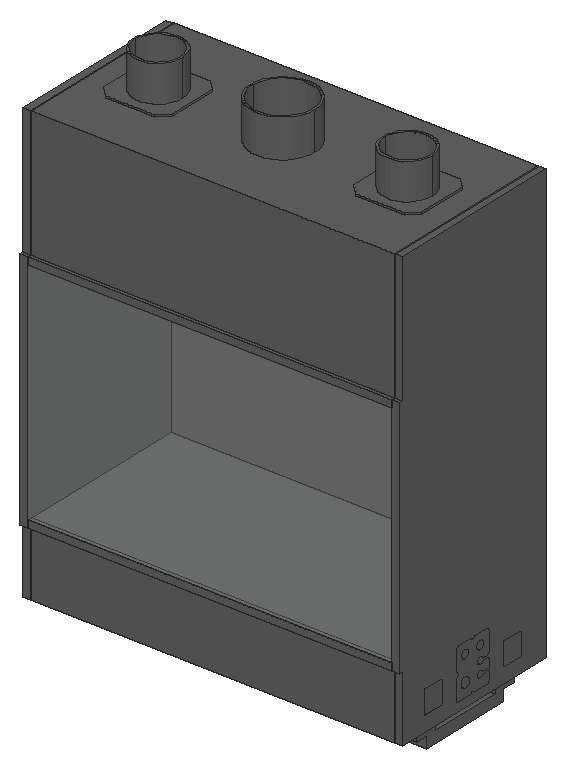
Revit family "Fireplaces_DaVinci_TimberFyre_48x30-SS-TF", category Mechanical Equipment, Revit 2023
Family settings
  Round Connector Dimension = Use Diameter
  Part Type = Normal
  OmniClass Number = 23.75.00.00
  OmniClass Title = Climate Control (HVAC)
  Work Plane-Based = Yes
  Always vertical = Yes
  Cut with Voids When Loaded = Yes
  Maintain Annotation Orientation = No
  Shared = No
  Room Calculation Point = No
Parameters (values of type "Timberfyre Signle Sided 48" x 30"")
  X2 = Intakes + 1/2"  # 6 1/2"
  X1 = Exhaust + 1/2"  # 8 1/2"
  Width = 50"  # constant formula
  URL = "https://www.davincifireplace.com/"
  Type Comments = ""
  Specifications = "https://www.arcat.com/company/davinci-custom-fireplaces-a-division-of-travis-industries-49714/spec"
  Product Page URL = "https://www.arcat.com/arcatcos/cos49/arc49714.html"
  Product Documentation Link = "https://www.travisindustries.com/docs/98800900.pdf"
  Number Pole = 1
  NG = "Min = 5.5\"wc (1.37kpa), Max = 7\"wc (1.74 kpa)"
  Model = "Timberfyre Signle Sided 48\" x 30\""
  Matel = Matel
  Manufacturer = "Davinci Custom Fireplaces"  # constant formula
  LP = "Min = 11\"wc (2.74 kpa), Max = 13\"wc (3.23 kpa)"
  Keynote = ""
  Intakes = 6"  # constant formula
  Height = 60 5/8"  # constant formula
  Glass = Glass
  Gas Req'd = "115,000 BTU's"
  Exhaust = 8"  # constant formula
  Electrical Req'd = 120 V
  Description = ""
  Depth = 24"  # constant formula
  Default Elevation = 48"
  Cost = 0
  Copyright = "©2020 Travis Industries, Inc"  # constant formula
  CAD Details = "https://www.arcat.com/company/davinci-custom-fireplaces-a-division-of-travis-industries-49714/cad"
  Assembly Code = ""
  Apparent Load = 0 VA
Reference planes (in)
  plane 1 "Center (Front/Back)": y = 0
  plane 2: z = 0
  plane 3 "Center (Left/Right)": x = 0
  plane 4: y = 23.75
  plane 5: x = 25
  plane 6: x = -25
  plane 7: y = -0.25
  plane 8: z = 3
  plane 9: z = 12.625
  plane 10: z = 60.625
  plane 11: z = 65.625
  plane 12: z = 42.625
  plane 13: x = -16.4375
  plane 14: x = 16.4375
  plane 15: y = 11.75
  plane 16: x = 24
  plane 17: x = -24
  plane 18: z = 60.875
  plane 19: y = 0.25
Forms (in)
  Extrusion 1, solid, material "Matel" <- "Matel"
    sketch origin (0, 0, 0) x (1, 0, 0) y (0, 1, 0)
      loop
        circle (0, 11.75) r 4
      loop
        circle (0, 11.75) r 4.25
      loop
        circle (-16.4375, 11.75) r 3
      loop
        circle (-16.4375, 11.75) r 3.25
      loop
        circle (16.4375, 11.75) r 3
      loop
        circle (16.4375, 11.75) r 3.25
    from 60.625 to 65.625
  Extrusion 2, solid, material "Matel" <- "Matel"
    sketch origin (0, 0, 0) x (1, 0, 0) y (0, 1, 0)
      loop
        line (-19.6875, 7.25) -> (-13.1875, 7.25) -> (-11.9375, 8.5) -> (-11.9375, 15) -> (-13.1875, 16.25) -> (-19.6875, 16.25) -> (-20.9375, 15) -> (-20.9375, 8.5) -> (-19.6875, 7.25)
      loop
        line (19.6875, 7.25) -> (20.9375, 8.5) -> (20.9375, 15) -> (19.6875, 16.25) -> (13.1875, 16.25) -> (11.9375, 15) -> (11.9375, 8.5) -> (13.1875, 7.25) -> (19.6875, 7.25)
      loop
        circle (-16.4375, 11.75) r 3
      loop
        circle (16.4375, 11.75) r 3
    from 60.625 to 60.875
  Sweep 3, solid, material "Matel" <- "Matel"
    path origin (0, 0, 0) x (1, 0, 0) y (0, 1, 0)
      loop
        line (-24, 11.75) -> (24, 11.75)
    profile origin (0, 11.75, 0) x (0, 1, 0) y (0, 0, 1)
      loop
        line (6.25, 0) -> (6.25, 1.5) -> (8, 1.5) -> (8, 3) -> (5, 3) -> (5, 1.5) -> (-5, 1.5) -> (-5, 3) -> (-8, 3) -> (-8, 1.5) -> (-6.25, 1.5) -> (-6.25, 0) -> (6.25, 0)
  Extrusion 4, solid, material "Matel" <- "Matel"
    sketch origin (0, 0, 0) x (0, 1, 0) y (0, 0, 1)
      loop
        line (0.25, 60.625) -> (0.25, 43.625) -> (-0.25, 43.625) -> (-0.25, 11.625) -> (0.25, 11.625) -> (0.25, 3) -> (23.75, 3) -> (23.75, 60.625) -> (0.25, 60.625)
    from 24 to 25
  Extrusion 5, solid, material "Matel" <- "Matel"
    sketch origin (0, 0, 0) x (0, 1, 0) y (0, 0, 1)
      loop
        line (0.25, 60.625) -> (0.25, 43.625) -> (-0.25, 43.625) -> (-0.25, 11.625) -> (0.25, 11.625) -> (0.25, 3) -> (23.75, 3) -> (23.75, 60.625) -> (0.25, 60.625)
    from -25 to -24
  Extrusion 6, solid, material "Matel" <- "Matel"
    sketch origin (0, 0, 0) x (0, 1, 0) y (0, 0, 1)
      loop
        line (0.25, 3) -> (23.75, 3) -> (23.75, 60.625) -> (0.25, 60.625) -> (0.25, 43.625) -> (-0.25, 43.625) -> (-0.25, 42.625) -> (0.75, 42.625) -> (0.75, 60.125) -> (23.25, 60.125) -> (23.25, 12.625) -> (-0.25, 12.625) -> (-0.25, 11.625) -> (0.25, 11.625) -> (0.25, 3)
    from -24 to 24
  Extrusion 7, void
    sketch origin (0, 0, 0) x (1, 0, 0) y (0, 1, 0)
      loop
        circle (0, 11.75) r 4
      loop
        circle (16.4375, 11.75) r 3
      loop
        circle (-16.4375, 11.75) r 3
    from 42.625 to 65.625
  Extrusion 8, solid, material "Glass" <- "Glass"
    sketch origin (0, 0, 0) x (1, 0, 0) y (0, 0, 1)
      loop
        line (-24, 42.625) -> (-24, 12.625) -> (24, 12.625) -> (24, 42.625) -> (-24, 42.625)
    from -0.25 to 0.25
  Extrusion 9, void
    sketch origin (0, 0, 0) x (0, 1, 0) y (0, 0, 1)
      loop
        arc (9.36553, 10.76131) -> (9.10706, 10.65425) -> (9, 10.39578) r 0.36553
        line (9, 10.39578) -> (9, 7.63714)
        arc (9, 7.63714) -> (9.25, 7.38714) -> (9, 7.13714) r 0.25
        line (9, 7.13714) -> (9, 4.3785)
        arc (9, 4.3785) -> (9.10755, 4.11886) -> (9.36719, 4.01131) r 0.36719
        line (9.36719, 4.01131) -> (11.5, 4.01131)
        arc (11.5, 4.01131) -> (11.75, 4.26131) -> (12, 4.01131) r 0.25
        line (12, 4.01131) -> (14.13281, 4.01131)
        arc (14.13281, 4.01131) -> (14.39245, 4.11886) -> (14.5, 4.3785) r 0.36719
        line (14.5, 4.3785) -> (14.5, 5.74611) -> (13.35147, 5.74611)
        arc (13.35147, 5.74611) -> (12.61712, 5.84445) -> (13.35678, 5.88745) r 0.37215
        line (13.35678, 5.88745) -> (14.5, 5.88745) -> (14.5, 7.13631)
        arc (14.5, 7.13631) -> (14.35028, 7.1861) -> (14.2602, 7.31564) r 0.25
        line (14.2602, 7.31564) -> (13.35147, 7.31564)
        arc (13.35147, 7.31564) -> (12.61712, 7.41398) -> (13.35678, 7.45698) r 0.37215
        line (13.35678, 7.45698) -> (14.2602, 7.45698)
        arc (14.2602, 7.45698) -> (14.35028, 7.58652) -> (14.5, 7.63631) r 0.25
        line (14.5, 7.63631) -> (14.5, 10.39413)
        arc (14.5, 10.39413) -> (14.39245, 10.65377) -> (14.13281, 10.76131) r 0.36719
        line (14.13281, 10.76131) -> (11.99917, 10.76131)
        arc (11.99917, 10.76131) -> (11.74917, 10.51131) -> (11.49917, 10.76131) r 0.25
        line (11.49917, 10.76131) -> (9.36553, 10.76131)
      loop
        circle (10.54184, 5.92215) r 0.63267
      loop
        circle (10.51099, 9.25626) r 0.5
      loop
        circle (12.98901, 9.25626) r 0.5
      loop
        line (3.75, 4.875) -> (6.75, 4.875) -> (6.75, 8.125) -> (3.75, 8.125) -> (3.75, 4.875)
      loop
        line (19.75, 4.875) -> (19.75, 8.125) -> (16.75, 8.125) -> (16.75, 4.875) -> (19.75, 4.875)
    from 25 to 24.87691
  Extrusion 10, void
    sketch origin (0, 0, 0) x (0, 1, 0) y (0, 0, 1)
      loop
        line (23.75, 3) -> (23.75, 60.625) -> (0.25, 60.625) -> (0.25, 43.625) -> (-0.25, 43.625) -> (-0.25, 11.625) -> (0.25, 11.625) -> (0.25, 3) -> (23.75, 3)
    from -25 to 25
Cuts and joins
  joined: Extrusion 1, Extrusion 2
  Extrusion 7, Extrusion 10 cuts Sweep 3
  Extrusion 7 cuts Extrusion 6
  Extrusion 9 cuts Extrusion 4
Dimensions and locks (in)
  equal spacing: plane 6, plane 3 "Center (Left/Right)", plane 5
  plane 1 "Center (Front/Back)" to plane 7 = 1/4"
  "Depth": plane 4 to plane 7
  "Width": plane 6 to plane 5
  "Height": plane 10 to plane 2
  locked: plane 11 to plane 10 at 5
  plane 8 to level = 3"
  plane 12 to plane 9 = 30"
  plane 9 to level = 12 5/8"
  equal spacing: plane 4, plane 15, plane 7, locked at 12 each
  locked: plane 6 to plane 17 at 1
  locked: plane 5 to plane 16 at 1
  locked: plane 6 to plane 13 at 8.5625
  locked: plane 14 to plane 5 at 8.5625
  locked: plane 18 to plane 10 at 0.25
  locked: plane 1 "Center (Front/Back)" to plane 19 at 0.25
  "Intakes": diameter of Extrusion 1 sketch curve  (x2)
  "Exhaust": diameter of Extrusion 1 sketch curve
  "X2": diameter of Extrusion 1 sketch curve  (x2)
  "X1": diameter of Extrusion 1 sketch curve
  aligned and locked: level to plane 2
  aligned and locked: plane 3 "Center (Left/Right)" to Extrusion 1 sketch curve  (x2)
  aligned and locked: plane 15 to Extrusion 1 sketch curve  (x6)
  aligned and locked: plane 13 to Extrusion 1 sketch curve  (x2)
  aligned and locked: plane 14 to Extrusion 1 sketch curve  (x2)
  aligned and locked: Extrusion 1 to plane 11
  aligned and locked: plane 10 to Extrusion 1
  aligned and locked: Extrusion 2 to plane 18
  aligned and locked: plane 10 to Extrusion 2
  aligned and locked: Sweep 3 sketch curve to plane 15
  aligned and locked: plane 16 to Sweep 3 sketch curve
  aligned and locked: plane 17 to Sweep 3 sketch curve
  aligned and locked: plane 10 to Extrusion 4 sketch curve
  aligned and locked: plane 7 to Extrusion 4 sketch curve
  aligned and locked: plane 4 to Extrusion 4 sketch curve
  aligned and locked: plane 8 to Extrusion 4 sketch curve
  aligned and locked: plane 10 to Extrusion 5 sketch curve
  aligned and locked: plane 4 to Extrusion 5 sketch curve
  aligned and locked: plane 7 to Extrusion 5 sketch curve
  aligned and locked: plane 8 to Extrusion 5 sketch curve
  aligned and locked: Extrusion 5 to plane 6
  aligned and locked: Extrusion 5 to plane 17
  aligned and locked: plane 5 to Extrusion 4
  aligned and locked: Extrusion 4 to plane 16
  aligned and locked: Extrusion 6 sketch curve to plane 10
  aligned and locked: Extrusion 6 sketch curve to plane 4
  aligned and locked: Extrusion 6 sketch curve to plane 8
  aligned and locked: Extrusion 6 sketch curve to plane 9
  aligned and locked: Extrusion 6 sketch curve to plane 12
  aligned and locked: plane 16 to Extrusion 6
  aligned and locked: plane 17 to Extrusion 6
  aligned and locked: Extrusion 2 sketch curve to cut or joined group of Extrusion 1, Extrusion 2  (x4)
  aligned and locked: Extrusion 7 sketch curve to cut or joined group of Extrusion 1, Extrusion 2  (x6)
  aligned and locked: Extrusion 7 to plane 11
  aligned and locked: Extrusion 7 to plane 12
  aligned and locked: Extrusion 8 sketch curve to plane 12
  aligned and locked: plane 17 to Extrusion 8 sketch curve
  aligned and locked: Extrusion 8 sketch curve to plane 16
  aligned and locked: Extrusion 8 sketch curve to plane 9
  aligned and locked: Extrusion 8 to plane 7
  aligned and locked: Extrusion 9 to plane 5
  aligned and locked: Extrusion 6 sketch curve to plane 19
  aligned and locked: Extrusion 5 to Extrusion 6 sketch curve
  aligned and locked: Extrusion 8 to plane 19
  aligned and locked: Extrusion 4 sketch curve to cut or joined group of Extrusion 6, Extrusion 7  (x4)
  aligned and locked: Extrusion 10 sketch curve to Extrusion 5  (x8)
  aligned and locked: Extrusion 10 to cut or joined group of Extrusion 4, Extrusion 9
  aligned and locked: Extrusion 10 to Extrusion 5
Automatic sketch dimensions
  Extrusion 2 sketch curve to plane 17 = 3 1/16"
  Extrusion 2 sketch curve to Extrusion 2 sketch curve = 1 1/4"  (x12)
  plane 13 to Extrusion 2 sketch curve = 3 1/4"  (x2)
  Extrusion 2 sketch curve to plane 14 = 4 1/2"
  plane 14 to Extrusion 2 sketch curve = 3 1/4"  (x2)
  Extrusion 2 sketch curve to plane 15 = 4 1/2"  (x2)
  plane 15 to Extrusion 2 sketch curve = 3 1/4"  (x4)
  profile plane to Sweep 3 sketch curve = 5"
  Sweep 3 sketch curve to Sweep 3 sketch curve = 13"
  level to Sweep 3 sketch curve = 3"
  Sweep 3 sketch curve to Sweep 3 sketch curve = 1 1/4"  (x2)
  Sweep 3 sketch curve to Sweep 3 sketch curve = 10"
  Sweep 3 sketch curve to Sweep 3 sketch curve = 1 1/2"  (x2)
  Sweep 3 sketch curve to Sweep 3 sketch curve = 0"
  Sweep 3 sketch curve to Sweep 3 sketch curve = 1 3/4"
  Sweep 3 sketch curve to level = 0"
  level to Sweep 3 sketch curve = 1 1/2"
  Extrusion 9 sketch curve to Extrusion 9 sketch curve = 0"  (x3)
  Extrusion 9 sketch curve to plane 15 = 0"
  Extrusion 9 sketch curve to plane 15 = 0.00083"
  Extrusion 9 sketch curve to plane 15 = 1/4"
  Extrusion 9 sketch curve to Extrusion 9 sketch curve = 1/4"  (x2)
  Extrusion 9 sketch curve to plane 15 = 1.20816"
  Extrusion 9 sketch curve to plane 15 = 1.23901"
  plane 8 to Extrusion 9 sketch curve = 1.01131"
  Extrusion 9 sketch curve to Extrusion 9 sketch curve = 2 17/128"
  Extrusion 9 sketch curve to Extrusion 9 sketch curve = 1.14545"
  Extrusion 9 sketch curve to Extrusion 9 sketch curve = 1.51099"
  Extrusion 9 sketch curve to Extrusion 9 sketch curve = 2 1/4"  (x2)
  Extrusion 9 sketch curve to Extrusion 9 sketch curve = 3"  (x2)
  plane 15 to Extrusion 9 sketch curve = 1.23901"  (x3)
  Extrusion 9 sketch curve to Extrusion 9 sketch curve = 0.36246"  (x2)
  Extrusion 9 sketch curve to Extrusion 9 sketch curve = 0.00531"  (x2)
  Extrusion 9 sketch curve to Extrusion 9 sketch curve = 1.1438"
  Extrusion 9 sketch curve to Extrusion 9 sketch curve = 0.78134"
  Extrusion 9 sketch curve to Extrusion 9 sketch curve = 0.90342"
  Extrusion 9 sketch curve to Extrusion 9 sketch curve = 1.14853"
  Extrusion 9 sketch curve to Extrusion 9 sketch curve = 0.2398"
  plane 8 to Extrusion 9 sketch curve = 1 7/8"  (x2)
  Extrusion 9 sketch curve to Extrusion 9 sketch curve = 1.36761"
  Extrusion 9 sketch curve to Extrusion 9 sketch curve = 0.08438"  (x2)
  Extrusion 9 sketch curve to Extrusion 9 sketch curve = 1.54365"
  Extrusion 9 sketch curve to Extrusion 9 sketch curve = 1.24886"
  Extrusion 9 sketch curve to Extrusion 9 sketch curve = 1.21499"
  Extrusion 9 sketch curve to Extrusion 9 sketch curve = 0.17933"
  Extrusion 9 sketch curve to Extrusion 9 sketch curve = 3 1/4"
  Extrusion 9 sketch curve to Extrusion 9 sketch curve = 0.48869"
  Extrusion 9 sketch curve to Extrusion 9 sketch curve = 1.79927"
  Extrusion 9 sketch curve to Extrusion 9 sketch curve = 1.61912"
  Extrusion 9 sketch curve to Extrusion 9 sketch curve = 1.13787"
  Extrusion 6 sketch curve to plane 19 = 1/2"
  Extrusion 6 sketch curve to plane 4 = 1/2"
  plane 10 to Extrusion 6 sketch curve = 1/2"
  Extrusion 6 sketch curve to plane 9 = 1"
  plane 12 to Extrusion 6 sketch curve = 1"
  Extrusion 6 sketch curve to Extrusion 6 sketch curve = 0"
  Extrusion 6 sketch curve to plane 19 = 0"
  plane 12 to Extrusion 5 sketch curve = 1"
  Extrusion 5 sketch curve to plane 19 = 0"  (x2)
  Extrusion 5 sketch curve to plane 9 = 1"
  radius of Extrusion 9 sketch curve = 0.63267"
  radius of Extrusion 9 sketch curve = 1/2"  (x2)
Connectors (in)
  hvac at (0, 11.75, 65.625), driven by "Exhaust"
    settings: on cut or joined group of Extrusion 1, Extrusion 2, index 1, duct flow 0 CFM, flow factor 0, pres drop 0.00 in-wg, loss coef 0, conn angle 0.00°, conn width 12", conn height 12", conn diameter 8", duct sys type 3, conn prof type 0, flow config 0, flow direction 2, loss method 0, conn ref index -1, conn util no, is conn primary yes, conn desc ""
  hvac at (-16.4375, 11.75, 65.625), driven by "Intakes"
    settings: on cut or joined group of Extrusion 1, Extrusion 2, index 2, duct flow 0 CFM, flow factor 0, pres drop 0.00 in-wg, loss coef 0, conn angle 0.00°, conn width 12", conn height 12", conn diameter 6", duct sys type 4, conn prof type 0, flow config 0, flow direction 1, loss method 0, conn ref index -1, conn util no, is conn primary no, conn desc ""
  hvac at (16.4375, 11.75, 65.625), driven by "Intakes"
    settings: on cut or joined group of Extrusion 1, Extrusion 2, index 3, duct flow 0 CFM, flow factor 0, pres drop 0.00 in-wg, loss coef 0, conn angle 0.00°, conn width 12", conn height 12", conn diameter 6", duct sys type 4, conn prof type 0, flow config 0, flow direction 1, loss method 0, conn ref index -1, conn util no, is conn primary no, conn desc ""
  electrical at (25, 10.51099, 9.25626), driven by "Electrical Req'd", driven by "Number Pole", driven by "Apparent Load"
    settings: on cut or joined group of Extrusion 4, Extrusion 9, index 4, voltage 120 V, apparent load 0 VA, apparent load phase1 0 VA, apparent load phase2 0 VA, apparent load phase3 0 VA, power factor 1, load classification "Other", number of poles 1, system type 30, power factor state 1, is connector primary yes, connector utility no, sub classification motor no, connector description ""
  piping at (25, 10.54184, 5.92215), diameter 24
    settings: on cut or joined group of Extrusion 4, Extrusion 9, index 5, connector inside diameter 24", connector length 0", flow factor 0, pipe flow 0 GPM, pressure drop 0.00 psi, fitting loss kfactor 0, connector angle 0.00°, fixture units 0, engagement length 0", angle of deflection 0.00°, flow configuration 0, flow direction 0, fitting loss method 0, system type 19, joint type 0, gender type 0, connector reference index -1, connector utility 0, adjustable connector no, is connector primary yes, connector description ""
